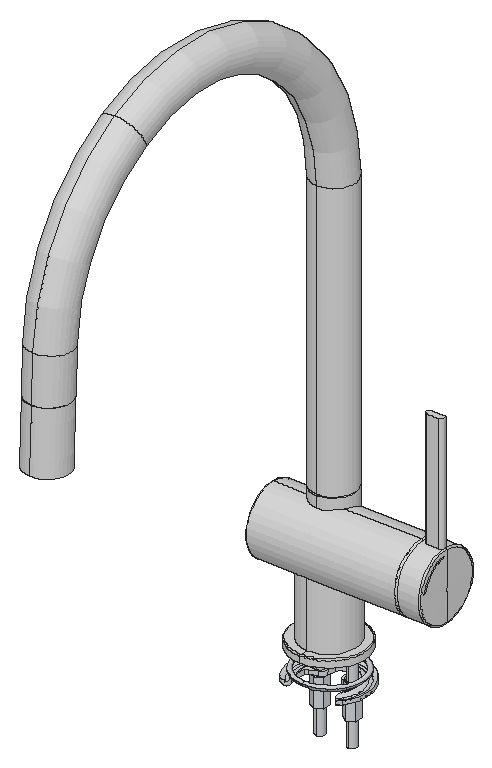
Revit family "Reece_Tap_Roca_Ona_Sink Mixer_Gooseneck_Pullout", category Plumbing Fixtures, host Face, Revit 2018
Family settings
  Host = Face
  Round Connector Dimension = Use Diameter
  Part Type = Normal
  Cut with Voids When Loaded = No
  Shared = Yes
  Room Calculation Point = Yes
Parameters (values of type "235 mm_Chrome")
  WFU = 0  # constant formula
  URL = "https://www.reece.com.au/product/-13722"
  Type Comments = "Tap"
  Reece_Tap_Reach = 235 mm  # constant formula
  Reece_Tap_Inlet = 12 mm  # constant formula
  Reece_Tap_Clearance = 209 mm  # constant formula
  Reece_Product_Web Page = "https://www.reece.com.au/product/-13722"
  Reece_Product_Type = "Tap"  # constant formula
  Reece_Product_Sub Brand = "Ona"  # constant formula
  Reece_Product_Number = "13722"
  Reece_Product_Mount = "Hob Mounted"  # constant formula
  Reece_Product_Description = "Roca Ona Gooseneck Pull Out Sink Mixer Tap 2 Function Chrome (5 Star) Lead Free"
  Reece_Product_Brand = "Roca"  # constant formula
  Reece_Overall_Height = 411 mm  # constant formula
  Reece_Material_Tap_Hot = Render_Hot_Water_Cap
  Reece_Material_Tap_Cold = Render_Cold_Water_Cap
  Reece_Material_Secondary = Reece_Cap_Grey
  Reece_Material_Main = Reece_Brass_Chrome
  Reece_Detail_Installation = ""  # constant formula
  Reece_Detail_Disclaimer = "THIS FILE IS THE PROPERTY OF THE REECE GROUP. IT MAY NOT BE REPRODUCED, REVERSE-ENGINEERED, OR MODIFIED. ANY REPUBLICATION, TRANSMISSION, OR DISTRIBUTION FOR THE PURPOSE OF COMMERCIALLY EXPLOITING THE FILES IS PROHIBITED."  # constant formula
  Reece_Detail_Connector = ""
  Reece_Detail_Additional = "Pull Out, 2 Function\r\n"  # constant formula
  Model = "Ona"
  Manufacturer = "Roca"
  Keynote = "Product #13722, Reece_Tap_Roca_Ona_Sink Mixer_Gooseneck_Pullout - 235 mm_Chrome"
  HWFU = 0  # constant formula
  Disclaimer = "THIS FILE IS THE PROPERTY OF THE REECE GROUP. IT MAY NOT BE REPRODUCED, REVERSE-ENGINEERED, OR MODIFIED. ANY REPUBLICATION, TRANSMISSION, OR DISTRIBUTION FOR THE PURPOSE OF COMMERCIALLY EXPLOITING THE FILES IS PROHIBITED."  # constant formula
  Description = "Roca Ona Gooseneck Pull Out Sink Mixer Tap 2 Function Chrome (5 Star) Lead Free"
  Default Elevation = 1000 mm
  CWFU = 0  # constant formula
Types (5, lengths in mm): name | URL | Reece_Product_Web Page | Reece_Product_Number | Reece_Product_Description | Reece_Material_Main | Keynote | Description
  235 mm_Matte White | "https://www.reece.com.au/product/-13724" | "https://www.reece.com.au/product/-13724" | "13724" | "Roca Ona Gooseneck Pull Out Sink Mixer Tap 2 Function Matte White (5 Star) Lead Free" | Reece_Brass_Brushed Matte White | "Product #13724, Reece_Tap_Roca_Ona_Sink Mixer_Gooseneck_Pullout - 235 mm_Matte White" | "Roca Ona Gooseneck Pull Out Sink Mixer Tap 2 Function Matte White (5 Star) Lead Free"
  235 mm_Brushed Nickel | "https://www.reece.com.au/product/-13725" | "https://www.reece.com.au/product/-13725" | "13725" | "Roca Ona Gooseneck Pull Out Sink Mixer Tap 2 Function Brushed Nickel (5 Star) Lead Free" | Reece_Brass_Brushed Nickel | "Product #13725, Reece_Tap_Roca_Ona_Sink Mixer_Gooseneck_Pullout - 235 mm_Brushed Nickel" | "Roca Ona Gooseneck Pull Out Sink Mixer Tap 2 Function Brushed Nickel (5 Star) Lead Free"
  235 mm_Matte Black | "https://www.reece.com.au/product/-13723" | "https://www.reece.com.au/product/-13723" | "13723" | "Roca Ona Gooseneck Pull Out Sink Mixer Tap 2 Function Matte Black (5 Star) Lead Free" | Reece_Brass_Matte Black | "Product #13723, Reece_Tap_Roca_Ona_Sink Mixer_Gooseneck_Pullout - 235 mm_Matte Black" | "Roca Ona Gooseneck Pull Out Sink Mixer Tap 2 Function Matte Black (5 Star) Lead Free"
  235 mm_Brushed Brass | "https://www.reece.com.au/product/-13726" | "https://www.reece.com.au/product/-13726" | "13726" | "Roca Ona Gooseneck Pull Out Sink Mixer Tap 2 Function Brushed Brass (5 Star) Lead Free" | Reece_Brass_Brushed | "Product #13726, Reece_Tap_Roca_Ona_Sink Mixer_Gooseneck_Pullout - 235 mm_Brushed Brass" | "Roca Ona Gooseneck Pull Out Sink Mixer Tap 2 Function Brushed Brass (5 Star) Lead Free"
  235 mm_Chrome | "https://www.reece.com.au/product/-13722" | "https://www.reece.com.au/product/-13722" | "13722" | "Roca Ona Gooseneck Pull Out Sink Mixer Tap 2 Function Chrome (5 Star) Lead Free" | Reece_Brass_Chrome | "Product #13722, Reece_Tap_Roca_Ona_Sink Mixer_Gooseneck_Pullout - 235 mm_Chrome" | "Roca Ona Gooseneck Pull Out Sink Mixer Tap 2 Function Chrome (5 Star) Lead Free"
Reference planes
  plane 1 "Center (Front/Back)": y = 0
  plane 2: z = 0
  plane 3 "Center (Left/Right)": x = 0
  plane 4: y = 4
  plane 5 "fRONT rEVOLVE": y = -3
  plane 6: z = 65
  plane 7: z = 165
  plane 8: x = -35
  plane 9: x = 81
  plane 10: z = 411
  plane 11: z = 209
  plane 12: y = -235
  plane 13: through (0, -257.966, 239.32) normal (0, 0.0349, 0.9994)
Forms (mm)
  Revolve 1, solid
    sketch origin (0, 0, 0) x (0, 1, 0) y (0, 0, 1)
      loop
        circle (22.2, -14) r 1.3
      axis (1, -14) -> (1, -13)
    angle from 0 to 360
  Extrusion 2, void
    sketch origin (0, 2, 3) x (1, 0, 0) y (0, 1, 0)
      loop
        circle (-10.749, 4.019) r 3.519
      loop
        circle (10.75, 4) r 3.5
    from -6.653 to 4
  Extrusion 3, solid
    sketch origin (0, 2, 3) x (0, 1, 0) y (1, 0, 0)
      loop
        circle (4, 10.75) r 3
      loop
        circle (4, -10.75) r 3
    from 0 to 61.5
  Revolve 4, solid
    sketch origin (0, 0, 0) x (0, 1, 0) y (0, 0, 1)
      loop
        arc (18.75, -21.5) -> (21.75, -23) -> (24.75, -21.5) r 3.75
        line (24.75, -21.5) -> (25.75, -21.5) -> (25.75, -19)
        arc (25.75, -19) -> (24.212, -19.499) -> (22.941, -20.498) r 4.61
        arc (22.941, -20.498) -> (21.841, -21) -> (20.728, -20.527) r 1.5
        arc (20.728, -20.527) -> (19.122, -19.398) -> (17.2, -19) r 4.84
        line (17.2, -19) -> (17.2, -21.5) -> (18.75, -21.5)
      axis (0, -19) -> (0, -21.5)
    angle from 0 to 360
  Extrusion 5, solid
    sketch origin (0, 0, -23) x (1, 0, 0) y (0, 1, 0)
      loop
        arc (-9.053, 2.711) -> (-6.961, 7.197) -> (-11.447, 9.289) r 3.5
        line (-11.447, 9.289) -> (-13.326, 8.605)
        arc (-13.326, 8.605) -> (-15.418, 4.119) -> (-10.932, 2.027) r 3.5
        line (-10.932, 2.027) -> (-9.053, 2.711)
      loop
        arc (-5.01, 5.791) -> (-6.06, 3.288) -> (-8.263, 1.702) r 5
        line (-8.263, 1.702) -> (-13.684, -0.271)
        arc (-13.684, -0.271) -> (-14.638, -1.003) -> (-15, -2.15) r 2
        line (-15, -2.15) -> (-15, -8.417)
        arc (-15, -8.417) -> (0, 17.2) -> (15, -8.417) r 17.2
        line (15, -8.417) -> (15, -2.15)
        arc (15, -2.15) -> (14.638, -1.003) -> (13.684, -0.271) r 2
        line (13.684, -0.271) -> (8.263, 1.702)
        arc (8.263, 1.702) -> (6.06, 3.288) -> (5.01, 5.791) r 5
        line (5.01, 5.791) -> (4.466, 10.221)
        arc (4.466, 10.221) -> (0, 14.173) -> (-4.466, 10.221) r 4.5
        line (-4.466, 10.221) -> (-5.01, 5.791)
      loop
        arc (11.447, 9.289) -> (6.961, 7.197) -> (9.053, 2.711) r 3.5
        line (9.053, 2.711) -> (10.932, 2.027)
        arc (10.932, 2.027) -> (15.418, 4.119) -> (13.326, 8.605) r 3.5
        line (13.326, 8.605) -> (11.447, 9.289)
    from 1.5 to 4
  Extrusion 6, void
    sketch origin (0, 0, -23) x (1, 0, 0) y (0, 1, 0)
      loop
        line (27.556, -34.599) -> (27.556, -14.961) -> (20.958, -14.961)
        arc (20.958, -14.961) -> (17.049, -15.272) -> (15, -11.93) r 3.75
        line (15, -11.93) -> (15, -8.417) -> (-15, -8.417) -> (-15, -11.93)
        arc (-15, -11.93) -> (-17.049, -15.272) -> (-20.958, -14.961) r 3.75
        line (-20.958, -14.961) -> (-27.556, -14.961) -> (-27.556, -34.599) -> (27.556, -34.599)
    from 0 to 5
  Extrusion 7, solid
    sketch origin (0, 0, 0) x (1, 0, 0) y (0, 1, 0)
      loop
        circle (10.75, 6) r 3
      loop
        line (10.75, 11.196) -> (6.25, 8.598) -> (6.25, 3.402) -> (10.75, 0.804) -> (15.25, 3.402) -> (15.25, 8.598) -> (10.75, 11.196)
      loop
        circle (-10.75, 6) r 3
      loop
        line (-10.75, 11.196) -> (-15.25, 8.598) -> (-15.25, 3.402) -> (-10.75, 0.804) -> (-6.25, 3.402) -> (-6.25, 8.598) -> (-10.75, 11.196)
    from -41.5 to -23
  Extrusion 8, void
    sketch origin (0, 0, 0) x (1, 0, 0) y (0, 1, 0)
      loop
        circle (0, 0) r 22
    from 0 to -35
  Revolve 9, solid, material "Reece_Brass_Chrome" <- "Reece_Material_Main"
    sketch origin (0, 0, 0) x (0, 1, 0) y (0, 0, 1)
      loop
        line (0, 0) -> (0, 65) -> (-18, 65) -> (-18, 5) -> (-23.5, 5)
        arc (-23.5, 5) -> (-23.854, 4.854) -> (-24, 4.5) r 0.5
        line (-24, 4.5) -> (-24, 0) -> (0, 0)
      axis (0, 65) -> (0, 0)
    angle from 0 to 360
  Sweep 10, solid, material "Reece_Brass_Chrome" <- "Reece_Material_Main"
    path origin (0, 0, 0) x (0, 1, 0) y (0, 0, 1)
      loop
        line (4, 65) -> (4, 279)
        arc (4, 279) -> (-54.208, 380.729) -> (-171.405, 382.096) r 118
        arc (-171.405, 382.096) -> (-215.037, 340.207) -> (-232.441, 282.279) r 119
        line (-232.441, 282.279) -> (-234.965, 209.999)
    profile origin (0, 4, 172) x (0, -1, 0) y (1, 0, 0)
      loop
        circle (0, 0) r 14
  Revolve 11, solid, material "Reece_Brass_Chrome" <- "Reece_Material_Main"
    sketch origin (0, -3, 0) x (0, 0, 1) y (1, 0, 0)
      loop
        arc (87, -35) -> (87.354, -34.854) -> (87.5, -34.5) r 0.5
        line (87.5, -34.5) -> (87.5, 64)
        arc (87.5, 64) -> (86.704, 65.204) -> (85.5, 66) r 3.607
        line (85.5, 66) -> (87.5, 66) -> (87.5, 79.958)
        arc (87.5, 79.958) -> (87.272, 80.517) -> (86.718, 80.758) r 0.8
        arc (86.718, 80.758) -> (75.86, 80.939) -> (65, 81) r 973.688
        line (65, 81) -> (65, -35) -> (87, -35)
      axis (65, 81) -> (65, -35)
    angle from 0 to 360
  Extrusion 12, solid, material "Reece_Brass_Chrome" <- "Reece_Material_Main"
    sketch origin (229.565, -47.5, 73.547) x (0, -1, 0) y (1, 0, 0)
      loop
        arc (-42.5, -152.065) -> (-44.5, -150.065) -> (-46.5, -152.065) r 2
        line (-46.5, -152.065) -> (-46.5, -160.065)
        arc (-46.5, -160.065) -> (-44.5, -162.065) -> (-42.5, -160.065) r 2
        line (-42.5, -160.065) -> (-42.5, -152.065)
    from -8.547 to 91.453
  Extrusion 13, void
    sketch origin (81, -4572, 110) x (0, 0, 1) y (0, -1, 0)
      loop
        arc (-25.964, -4566.494) -> (-31.424, -4555.424) -> (-42.494, -4549.964) r 19.2
        line (-42.494, -4549.964) -> (-42.651, -4551.154)
        arc (-42.651, -4551.154) -> (-32.272, -4556.272) -> (-27.154, -4566.651) r 18
        line (-27.154, -4566.651) -> (-25.964, -4566.494)
    from -2 to 2
  Extrusion 14, solid, material "Reece_Cap_Grey" <- "Reece_Material_Secondary"
    sketch origin (81, -4572, 110) x (0, 0, 1) y (0, -1, 0)
      loop
        arc (-38.112, -4552.37) -> (-32.272, -4556.272) -> (-28.37, -4562.112) r 18
        line (-28.37, -4562.112) -> (-27.262, -4561.652)
        arc (-27.262, -4561.652) -> (-31.424, -4555.424) -> (-37.652, -4551.262) r 19.2
        line (-37.652, -4551.262) -> (-38.112, -4552.37)
    from -2 to 2
  Extrusion 15, solid, material "Render_Hot_Water_Cap" <- "Reece_Material_Tap_Hot"
    sketch origin (81, -4572, 110) x (0, 0, 1) y (0, -1, 0)
      loop
        arc (-37.652, -4551.262) -> (-40.031, -4550.454) -> (-42.494, -4549.964) r 19.2
        line (-42.494, -4549.964) -> (-42.651, -4551.154)
        arc (-42.651, -4551.154) -> (-40.341, -4551.613) -> (-38.112, -4552.37) r 18
        line (-38.112, -4552.37) -> (-37.652, -4551.262)
    from -2 to 2
  Extrusion 16, solid, material "Render_Cold_Water_Cap" <- "Reece_Material_Tap_Cold"
    sketch origin (81, -4572, 110) x (0, 0, 1) y (0, -1, 0)
      loop
        arc (-28.37, -4562.112) -> (-27.613, -4564.341) -> (-27.154, -4566.651) r 18
        line (-27.154, -4566.651) -> (-25.964, -4566.494)
        arc (-25.964, -4566.494) -> (-26.454, -4564.031) -> (-27.262, -4561.652) r 19.2
        line (-27.262, -4561.652) -> (-28.37, -4562.112)
    from -2 to 2
  Revolve 17, void
    sketch origin (0, -3, 0) x (0, 0, 1) y (1, 0, 0)
      loop
        line (65, 86) -> (65, 81)
        arc (65, 81) -> (76.251, 80.935) -> (87.5, 80.74) r 973.688
        line (87.5, 80.74) -> (87.5, 86) -> (65, 86)
      axis (65, 86) -> (65, 80.74)
    angle from 0 to 360
  Revolve 18, void
    sketch origin (0, 0, 0) x (0, 1, 0) y (0, 0, 1)
      loop
        line (11.5, 94.8) -> (11.5, 94) -> (21.5, 94) -> (21.5, 94.8) -> (11.5, 94.8)
      axis (4, 94) -> (4, 95)
    angle from 0 to 360
  Extrusion 19, void
    sketch origin (0, 0, 0) x (1, 0, 0) y (0, 0, 1)
      loop
        circle (0, 103.8) r 3
      loop
        circle (0, 103.8) r 2.5
      loop
        line (-0.57, 104.787) -> (-1.14, 103.8) -> (-0.57, 102.813) -> (0.57, 102.813) -> (1.14, 103.8) -> (0.57, 104.787) -> (-0.57, 104.787)
    from -20.577 to -15.653
  Revolve 20, solid, material "Reece_Brass_Chrome" <- "Reece_Material_Main"
    sketch origin (0, -3, 0) x (0, 0, 1) y (1, 0, 0)
      loop
        line (43.666, 75) -> (43.666, 78) -> (42.331, 78) -> (42.331, 75) -> (43.666, 75)
      axis (43.666, 75) -> (42.331, 75)
    angle from 0 to 360
  Revolve 21, void
    sketch origin (0, 0, 0) x (0, 1, 0) y (0, 0, 1)
      loop
        line (-220.525, 251.02) -> (-216.796, 250.89) -> (-216.743, 252.397) -> (-220.525, 251.02)
      axis (-233.517, 251.474) -> (-233.464, 252.981)
    angle from 0 to 360
  Extrusion 22, void
    sketch origin (0, -234.764, 258.695) x (0, 0.034899, 0.999391) y (1, 0, 0)
      loop
        line (-2.614, 3) -> (-6.769, 3) -> (-6.769, 2.2) -> (-2.614, 2.2)
        arc (-2.614, 2.2) -> (-0.414, 0) -> (-2.614, -2.2) r 2.2
        line (-2.614, -2.2) -> (-6.769, -2.2) -> (-6.769, -3) -> (-2.614, -3)
        arc (-2.614, -3) -> (0.386, 0) -> (-2.614, 3) r 3
    from 14.723 to 28.004
  Extrusion 23, void
    sketch origin (0, -234.764, 258.695) x (0, 0.034899, 0.999391) y (1, 0, 0)
      loop
        line (-2.614, 2.2) -> (-6.769, 2.2) -> (-6.769, -2.2) -> (-2.614, -2.2)
        arc (-2.614, -2.2) -> (-0.414, 0) -> (-2.614, 2.2) r 2.2
    from 13.409 to 28.004
  Revolve 24, solid, material "Reece_Brass_Chrome" <- "Reece_Material_Main"
    sketch origin (0, 0, 0) x (0, 1, 0) y (0, 0, 1)
      loop
        line (-221.924, 242.154) -> (-222.067, 238.066) -> (-217.481, 237.906) -> (-217.355, 241.494)
        arc (-217.355, 241.494) -> (-217.489, 241.853) -> (-217.837, 242.012) r 0.5
        line (-217.837, 242.012) -> (-221.924, 242.154)
      axis (-222.067, 238.066) -> (-217.481, 237.906)
    angle from 0 to 360
  Revolve 25, solid, material "Reece_Brass_Chrome" <- "Reece_Material_Main"
    sketch origin (0, 0, 0) x (0, 1, 0) y (0, 0, 1)
      loop
        line (-219.312, 277.995) -> (-218.096, 277.952) -> (-218.013, 280.351) -> (-219.228, 280.393) -> (-219.312, 277.995)
      axis (-219.312, 277.995) -> (-218.096, 277.952)
    angle from 0 to 360
  Extrusion 26, solid, material "Reece_Brass_Chrome" <- "Reece_Material_Main"
    sketch origin (0, -234.965, 209.999) x (1, 0, 0) y (0, -0.999391, 0.034899)
      loop
        arc (3.799, 7.604) -> (0, 8.5) -> (-3.799, 7.604) r 8.5
        line (-3.799, 7.604) -> (-3.129, 6.262)
        arc (-3.129, 6.262) -> (0, 7) -> (3.129, 6.262) r 7
        line (3.129, 6.262) -> (3.799, 7.604)
      loop
        line (3.799, -7.604) -> (3.129, -6.262)
        arc (3.129, -6.262) -> (0, -7) -> (-3.129, -6.262) r 7
        line (-3.129, -6.262) -> (-3.799, -7.604)
        arc (-3.799, -7.604) -> (0, -8.5) -> (3.799, -7.604) r 8.5
      loop
        arc (-7.604, 3.799) -> (-8.5, 0) -> (-7.604, -3.799) r 8.5
        line (-7.604, -3.799) -> (-6.262, -3.129)
        arc (-6.262, -3.129) -> (-7, 0) -> (-6.262, 3.129) r 7
        line (-6.262, 3.129) -> (-7.604, 3.799)
      loop
        line (7.604, 3.799) -> (6.262, 3.129)
        arc (6.262, 3.129) -> (7, 0) -> (6.262, -3.129) r 7
        line (6.262, -3.129) -> (7.604, -3.799)
        arc (7.604, -3.799) -> (8.5, 0) -> (7.604, 3.799) r 8.5
    from -2 to 1
  Extrusion 27, void
    sketch origin (0, -234.965, 209.999) x (1, 0, 0) y (0, -0.999391, 0.034899)
      loop
        circle (0, 0) r 7
    from 0 to -2
Cuts and joins
  Extrusion 6 cuts Revolve 4
  Extrusion 2, Revolve 17 cuts Revolve 9
  Revolve 17, Revolve 18, Extrusion 19, Revolve 21, Extrusion 22, Extrusion 23, Extrusion 27 cuts Sweep 10
  Extrusion 13, Revolve 17 cuts Revolve 11
  Revolve 17 cuts Extrusion 12
  joined: Revolve 9, Sweep 10, Revolve 11, Extrusion 12, Revolve 20, Revolve 24, Revolve 25, Extrusion 26
  Revolve 17 cuts Extrusion 14
  Revolve 17 cuts Extrusion 15
  Revolve 17 cuts Extrusion 16
Text (mm)
  text "Reece ©" at (-433.986, -212.884, 0), in view "Ref. Level"
  text "Reece ©" at (-1.128, 151.197, 130.104), in view "Reece Preview"
Dimensions and locks
  "Reece_Overall_Height": plane 10 to level
  "Reece_Tap_Clearance": plane 11 to level
  "Reece_Tap_Reach": plane 12 to plane 1 "Center (Front/Back)"
  aligned and locked: plane 2 to host face
  aligned and locked: level to host face
  aligned and locked: Extrusion 12 to plane 6
  aligned and locked: plane 7 to Extrusion 12
  aligned and locked: Extrusion 14 sketch curve to cut or joined group 1 (Extrusion 2, Revolve 9, Sweep 10, Revolve 11, Extrusion 12, Extrusion 13, Revolve 17, Revolve 18, Extrusion 19, Revolve 20, Revolve 21, Extrusion 22, Extrusion 23, Revolve 24, Revolve 25, Extrusion 26, Extrusion 27)  (x2)
  aligned and locked: Extrusion 15 sketch curve to cut or joined group 1  (x2)
  aligned and locked: Extrusion 16 sketch curve to cut or joined group 1  (x2)
  aligned and locked: Extrusion 23 sketch curve to Extrusion 22  (x2)
  aligned and locked: Extrusion 27 sketch curve to cut or joined group 1
Automatic sketch dimensions
  host sketch curve to host sketch curve = 380.785 mm
  host sketch curve to host sketch curve = 317.421 mm
  plane 4 to Revolve 1 sketch curve = 18.2 mm
  Revolve 1 sketch curve to level = 14 mm  (x2)
  Revolve 1 sketch curve to plane 1 "Center (Front/Back)" = 1 mm
  Revolve 1 sketch curve to Revolve 1 sketch curve = 4.102 mm
  plane 4 to Extrusion 2 sketch curve = 2.019 mm
  Extrusion 2 sketch curve to plane 3 "Center (Left/Right)" = 10.749 mm
  plane 4 to Extrusion 2 sketch curve = 2 mm
  plane 3 "Center (Left/Right)" to Extrusion 2 sketch curve = 10.75 mm
  plane 4 to Extrusion 3 sketch curve = 2 mm  (x2)
  plane 3 "Center (Left/Right)" to Extrusion 3 sketch curve = 10.75 mm
  Extrusion 3 sketch curve to plane 3 "Center (Left/Right)" = 10.75 mm
  Revolve 4 sketch curve to plane 1 "Center (Front/Back)" = 0 mm
  plane 4 to Revolve 4 sketch curve = 13.2 mm
  Revolve 4 sketch curve to Revolve 4 sketch curve = 1.55 mm
  Revolve 4 sketch curve to Revolve 4 sketch curve = 3 mm
  Revolve 4 sketch curve to Revolve 4 sketch curve = 0.072 mm
  Revolve 4 sketch curve to Revolve 4 sketch curve = 2.928 mm
  Revolve 4 sketch curve to Revolve 4 sketch curve = 1 mm
  Revolve 4 sketch curve to Revolve 4 sketch curve = 0.632 mm
  Revolve 4 sketch curve to level = 23.84 mm
  Revolve 4 sketch curve to Revolve 4 sketch curve = 0.274 mm
  Revolve 4 sketch curve to Revolve 4 sketch curve = 2.34 mm
  Revolve 4 sketch curve to Revolve 4 sketch curve = 2 mm
  Revolve 4 sketch curve to Revolve 4 sketch curve = 0.25 mm
  Revolve 4 sketch curve to Revolve 4 sketch curve = 2.5 mm  (x2)
  Revolve 4 sketch curve to Revolve 4 sketch curve = 0 mm
  Revolve 4 sketch curve to Revolve 4 sketch curve = 316.97 mm
  plane 10 to Revolve 4 sketch curve = 432.832 mm
  plane 1 "Center (Front/Back)" to Extrusion 5 sketch curve = 0 mm
  Extrusion 5 sketch curve to plane 3 "Center (Left/Right)" = 0 mm  (x2)
  Extrusion 5 sketch curve to plane 3 "Center (Left/Right)" = 4.466 mm
  plane 4 to Extrusion 5 sketch curve = 1.791 mm  (x2)
  Extrusion 5 sketch curve to Extrusion 5 sketch curve = 0.544 mm  (x2)
  Extrusion 5 sketch curve to plane 1 "Center (Front/Back)" = 1.702 mm  (x2)
  Extrusion 5 sketch curve to Extrusion 5 sketch curve = 3.253 mm  (x2)
  Extrusion 5 sketch curve to plane 4 = 1.289 mm  (x2)
  Extrusion 5 sketch curve to Extrusion 5 sketch curve = 0.79 mm  (x2)
  plane 4 to Extrusion 5 sketch curve = 2.401 mm  (x2)
  Extrusion 5 sketch curve to Extrusion 5 sketch curve = 0.277 mm  (x2)
  Extrusion 5 sketch curve to plane 4 = 1.973 mm  (x2)
  Extrusion 5 sketch curve to Extrusion 5 sketch curve = 1.879 mm  (x6)
  plane 4 to Extrusion 5 sketch curve = 5.289 mm  (x2)
  Extrusion 5 sketch curve to Extrusion 5 sketch curve = 1.474 mm  (x2)
  plane 5 "fRONT rEVOLVE" to Extrusion 5 sketch curve = 0.85 mm  (x2)
  Extrusion 5 sketch curve to Extrusion 5 sketch curve = 2.068 mm  (x2)
  plane 4 to Extrusion 5 sketch curve = 4.605 mm  (x2)
  plane 1 "Center (Front/Back)" to Extrusion 5 sketch curve = 0.271 mm  (x2)
  Extrusion 5 sketch curve to Extrusion 5 sketch curve = 0.684 mm  (x2)
  plane 3 "Center (Left/Right)" to Extrusion 5 sketch curve = 4.466 mm
  Extrusion 5 sketch curve to plane 5 "fRONT rEVOLVE" = 5.417 mm
  plane 4 to Extrusion 5 sketch curve = 5.673 mm
  Extrusion 5 sketch curve to Extrusion 5 sketch curve = 4.43 mm
  plane 8 to Extrusion 6 sketch curve = 7.444 mm
  Extrusion 6 sketch curve to Extrusion 6 sketch curve = 6.599 mm  (x2)
  Extrusion 6 sketch curve to Extrusion 6 sketch curve = 2.208 mm  (x2)
  Extrusion 6 sketch curve to Extrusion 6 sketch curve = 3.75 mm  (x2)
  Extrusion 6 sketch curve to plane 5 "fRONT rEVOLVE" = 5.417 mm
  plane 3 "Center (Left/Right)" to Extrusion 6 sketch curve = 15 mm
  Extrusion 6 sketch curve to Extrusion 6 sketch curve = 3.513 mm
  Extrusion 6 sketch curve to Extrusion 6 sketch curve = 3.514 mm
  Extrusion 6 sketch curve to Extrusion 6 sketch curve = 19.637 mm
  plane 4 to Extrusion 7 sketch curve = 4.598 mm  (x4)
  Extrusion 7 sketch curve to plane 3 "Center (Left/Right)" = 15.25 mm
  Extrusion 7 sketch curve to plane 1 "Center (Front/Back)" = 0.804 mm  (x2)
  Extrusion 7 sketch curve to Extrusion 7 sketch curve = 4.5 mm  (x6)
  plane 4 to Extrusion 7 sketch curve = 2 mm  (x2)
  Extrusion 7 sketch curve to Extrusion 7 sketch curve = 0 mm  (x2)
  plane 3 "Center (Left/Right)" to Extrusion 7 sketch curve = 6.25 mm
  Extrusion 7 sketch curve to plane 4 = 0.598 mm  (x4)
  Extrusion 7 sketch curve to Extrusion 7 sketch curve = 5.196 mm  (x2)
  Extrusion 8 sketch curve to Extrusion 8 sketch curve = 0 mm  (x2)
  Extrusion 8 sketch curve to plane 3 "Center (Left/Right)" = 0 mm
  plane 1 "Center (Front/Back)" to Extrusion 8 sketch curve = 0 mm
  Extrusion 8 sketch curve to plane 5 "fRONT rEVOLVE" = 19 mm
  Revolve 9 sketch curve to level = 0 mm
  Revolve 9 sketch curve to plane 6 = 0 mm
  Revolve 9 sketch curve to plane 1 "Center (Front/Back)" = 0 mm  (x2)
  level to Revolve 9 sketch curve = 5 mm
  Revolve 9 sketch curve to plane 5 "fRONT rEVOLVE" = 15 mm
  Revolve 9 sketch curve to Revolve 9 sketch curve = 5.5 mm
  Revolve 9 sketch curve to Revolve 9 sketch curve = 0.5 mm
  plane 6 to Revolve 9 sketch curve = 22.564 mm
  Revolve 9 sketch curve to plane 7 = 27.436 mm
  Sweep 10 sketch curve to plane 4 = 0 mm
  Sweep 10 sketch curve to plane 6 = 0 mm
  Sweep 10 sketch curve to plane 5 "fRONT rEVOLVE" = 110.514 mm
  Sweep 10 sketch curve to Sweep 10 sketch curve = 0.486 mm
  plane 12 to Sweep 10 sketch curve = 2.559 mm
  plane 11 to Sweep 10 sketch curve = 69.126 mm
  Sweep 10 sketch curve to Sweep 10 sketch curve = 0.874 mm
  plane 11 to Sweep 10 sketch curve = 73.279 mm
  plane 12 to Sweep 10 sketch curve = 0.035 mm
  plane 11 to Sweep 10 sketch curve = 0.999 mm
  Sweep 10 sketch curve to plane 3 "Center (Left/Right)" = 0 mm
  Sweep 10 sketch curve to profile plane = 0 mm
  Revolve 11 sketch curve to plane 6 = 0 mm  (x2)
  Revolve 11 sketch curve to plane 8 = 0 mm
  Revolve 11 sketch curve to plane 9 = 0 mm
  plane 6 to Revolve 11 sketch curve = 19.154 mm
  Revolve 11 sketch curve to Revolve 11 sketch curve = 1.346 mm  (x2)
  Revolve 11 sketch curve to plane 9 = 1.042 mm
  Revolve 11 sketch curve to Revolve 11 sketch curve = 1.2 mm
  plane 6 to Revolve 11 sketch curve = 22 mm
  Revolve 11 sketch curve to Revolve 11 sketch curve = 0.8 mm
  plane 8 to Revolve 11 sketch curve = 0.5 mm
  Revolve 11 sketch curve to Revolve 11 sketch curve = 857.688 mm
  Revolve 11 sketch curve to Revolve 11 sketch curve = 17.304 mm
  Revolve 11 sketch curve to Revolve 11 sketch curve = 4.148 mm
  Revolve 11 sketch curve to Revolve 11 sketch curve = 10 mm
  Extrusion 12 sketch curve to plane 5 "fRONT rEVOLVE" = 0 mm
  plane 1 "Center (Front/Back)" to Extrusion 12 sketch curve = 1 mm
  Extrusion 12 sketch curve to plane 9 = 11.5 mm
  Extrusion 12 sketch curve to plane 9 = 3.5 mm
  Extrusion 13 sketch curve to Extrusion 13 sketch curve = 0 mm  (x2)
  Extrusion 13 sketch curve to plane 5 "fRONT rEVOLVE" = 0 mm
  Extrusion 13 sketch curve to plane 6 = 0 mm
  plane 6 to Extrusion 13 sketch curve = 2.349 mm
  Extrusion 13 sketch curve to Extrusion 13 sketch curve = 0.157 mm
  Extrusion 13 sketch curve to plane 5 "fRONT rEVOLVE" = 2.349 mm
  plane 6 to Extrusion 13 sketch curve = 17.846 mm
  Extrusion 13 sketch curve to plane 5 "fRONT rEVOLVE" = 2.506 mm
  Extrusion 13 sketch curve to Extrusion 13 sketch curve = 1.19 mm
  plane 6 to Extrusion 14 sketch curve = 6.888 mm
  Extrusion 14 sketch curve to Extrusion 14 sketch curve = 0.459 mm
  Extrusion 14 sketch curve to plane 5 "fRONT rEVOLVE" = 6.888 mm
  Extrusion 14 sketch curve to plane 5 "fRONT rEVOLVE" = 7.348 mm
  plane 6 to Extrusion 15 sketch curve = 2.349 mm
  Extrusion 15 sketch curve to Extrusion 15 sketch curve = 0.157 mm
  Extrusion 15 sketch curve to Extrusion 15 sketch curve = 4.539 mm
  Extrusion 15 sketch curve to Extrusion 15 sketch curve = 0.459 mm
  Extrusion 16 sketch curve to plane 5 "fRONT rEVOLVE" = 6.888 mm
  Extrusion 16 sketch curve to plane 5 "fRONT rEVOLVE" = 7.348 mm
  Extrusion 16 sketch curve to plane 5 "fRONT rEVOLVE" = 2.349 mm
  Extrusion 16 sketch curve to plane 5 "fRONT rEVOLVE" = 2.506 mm
  Revolve 17 sketch curve to plane 6 = 0 mm  (x2)
  Revolve 17 sketch curve to plane 9 = 0 mm
  Revolve 17 sketch curve to plane 9 = 0.26 mm
  Revolve 17 sketch curve to Revolve 17 sketch curve = 22.5 mm
  plane 9 to Revolve 17 sketch curve = 5 mm
  Revolve 17 sketch curve to plane 8 = 14.148 mm
  Revolve 17 sketch curve to plane 8 = 4.148 mm
  Revolve 18 sketch curve to plane 4 = 0 mm
  plane 4 to Revolve 18 sketch curve = 7.5 mm
  Revolve 18 sketch curve to Revolve 18 sketch curve = 10 mm
  plane 6 to Revolve 18 sketch curve = 29 mm
  Revolve 18 sketch curve to Revolve 18 sketch curve = 0.8 mm
  level to Revolve 18 sketch curve = 24 mm
  Revolve 18 sketch curve to Revolve 18 sketch curve = 9.2 mm
  Extrusion 19 sketch curve to Extrusion 19 sketch curve = 0 mm  (x2)
  Extrusion 19 sketch curve to plane 3 "Center (Left/Right)" = 0 mm
  Extrusion 19 sketch curve to plane 3 "Center (Left/Right)" = 0.57 mm  (x2)
  Extrusion 19 sketch curve to Extrusion 19 sketch curve = 0.57 mm
  plane 3 "Center (Left/Right)" to Extrusion 19 sketch curve = 0.57 mm  (x2)
  plane 3 "Center (Left/Right)" to Extrusion 19 sketch curve = 1.14 mm
  plane 6 to Extrusion 19 sketch curve = 37.813 mm
  Extrusion 19 sketch curve to Extrusion 19 sketch curve = 0.987 mm  (x4)
  Revolve 20 sketch curve to plane 9 = 3 mm
  Revolve 20 sketch curve to plane 6 = 22.669 mm
  Revolve 20 sketch curve to Revolve 20 sketch curve = 1.335 mm
  Revolve 20 sketch curve to Revolve 20 sketch curve = 3 mm
  Revolve 20 sketch curve to Revolve 20 sketch curve = 11.134 mm
  Revolve 20 sketch curve to Revolve 20 sketch curve = 2.53 mm
  Revolve 20 sketch curve to plane 9 = 6 mm
  plane 12 to Revolve 21 sketch curve = 14.475 mm
  Revolve 21 sketch curve to Revolve 21 sketch curve = 3.729 mm
  Revolve 21 sketch curve to Revolve 21 sketch curve = 0.053 mm
  plane 11 to Revolve 21 sketch curve = 41.89 mm
  Revolve 21 sketch curve to Revolve 21 sketch curve = 0.13 mm
  plane 12 to Revolve 21 sketch curve = 2.303 mm
  plane 12 to Revolve 21 sketch curve = 0.035 mm
  plane 11 to Revolve 21 sketch curve = 0.999 mm
  Revolve 21 sketch curve to Revolve 21 sketch curve = 23.939 mm
  Extrusion 22 sketch curve to Extrusion 22 sketch curve = 0 mm  (x4)
  Extrusion 22 sketch curve to plane 3 "Center (Left/Right)" = 0 mm
  Extrusion 22 sketch curve to plane 3 "Center (Left/Right)" = 3 mm
  plane 13 to Extrusion 22 sketch curve = 13.404 mm
  Extrusion 22 sketch curve to Extrusion 22 sketch curve = 4.156 mm
  Extrusion 22 sketch curve to Extrusion 22 sketch curve = 0.8 mm
  Extrusion 23 sketch curve to Extrusion 23 sketch curve = 4.156 mm
  Revolve 24 sketch curve to plane 13 = 0 mm  (x4)
  plane 12 to Revolve 24 sketch curve = 12.933 mm
  Revolve 24 sketch curve to Revolve 24 sketch curve = 0.143 mm
  Revolve 24 sketch curve to Revolve 24 sketch curve = 4.069 mm
  Revolve 24 sketch curve to Revolve 24 sketch curve = 0.017 mm
  Revolve 24 sketch curve to Revolve 24 sketch curve = 0.374 mm
  Revolve 24 sketch curve to Revolve 24 sketch curve = 0.5 mm
  Revolve 24 sketch curve to Revolve 24 sketch curve = 6.094 mm
  Revolve 24 sketch curve to Revolve 24 sketch curve = 6.095 mm
  plane 12 to Revolve 25 sketch curve = 15.688 mm
  Revolve 25 sketch curve to Revolve 25 sketch curve = 0.084 mm
  Revolve 25 sketch curve to Revolve 25 sketch curve = 1.215 mm
  plane 11 to Revolve 25 sketch curve = 68.952 mm
  Revolve 25 sketch curve to Revolve 25 sketch curve = 0.042 mm  (x2)
  Revolve 25 sketch curve to Revolve 25 sketch curve = 1.121 mm
  Revolve 25 sketch curve to Revolve 25 sketch curve = 1.211 mm
  Revolve 25 sketch curve to Revolve 25 sketch curve = 0.039 mm
  Extrusion 26 sketch curve to Extrusion 26 sketch curve = 3.129 mm  (x2)
  Extrusion 26 sketch curve to Extrusion 26 sketch curve = 0.67 mm  (x4)
  Extrusion 26 sketch curve to Extrusion 26 sketch curve = 6.262 mm
  Extrusion 26 sketch curve to Extrusion 26 sketch curve = 3.133 mm  (x4)
  Extrusion 26 sketch curve to Extrusion 26 sketch curve = 1.342 mm  (x4)
  Extrusion 26 sketch curve to Extrusion 26 sketch curve = 6.258 mm
  Extrusion 26 sketch curve to Extrusion 26 sketch curve = 0 mm  (x2)
  radius of Revolve 1 sketch curve = 1.3 mm
  radius of Extrusion 2 sketch curve = 3.519 mm
  radius of Extrusion 2 sketch curve = 3.5 mm
  radius of Extrusion 3 sketch curve = 3 mm  (x2)
  radius of Extrusion 7 sketch curve = 3 mm  (x2)
  radius of Sweep 10 sketch curve = 14 mm
  radius of Extrusion 19 sketch curve = 3 mm
  radius of Extrusion 19 sketch curve = 2.5 mm
  radius of Extrusion 26 sketch curve to Sweep 10 = 5.5 mm  (x4)
  radius of Extrusion 26 sketch curve to Sweep 10 = 7 mm  (x4)
Connectors
  piping at (-10.75, 6, 3), diameter 12, driven by "Reece_Tap_Inlet"
    settings: on Extrusion 3, index 1, connector inside diameter 609.6 mm, connector length 0 mm, flow factor 0, pipe flow 0.0 L/s, pressure drop 0.0 Pa, fitting loss kfactor 0, connector angle 0.00°, fixture units 0, engagement length 0 mm, angle of deflection 0.00°, flow configuration 0, flow direction 1, fitting loss method 0, system type 29, joint type 0, gender type 0, connector reference index -1, connector utility 0, adjustable connector no, is connector primary yes, connector description ""
  piping at (10.75, 6, 3), diameter 12, driven by "Reece_Tap_Inlet"
    settings: on Extrusion 3, index 2, connector inside diameter 609.6 mm, connector length 0 mm, flow factor 0, pipe flow 0.0 L/s, pressure drop 0.0 Pa, fitting loss kfactor 0, connector angle 0.00°, fixture units 0, engagement length 0 mm, angle of deflection 0.00°, flow configuration 0, flow direction 1, fitting loss method 0, system type 29, joint type 0, gender type 0, connector reference index -1, connector utility 0, adjustable connector no, is connector primary no, connector description ""
